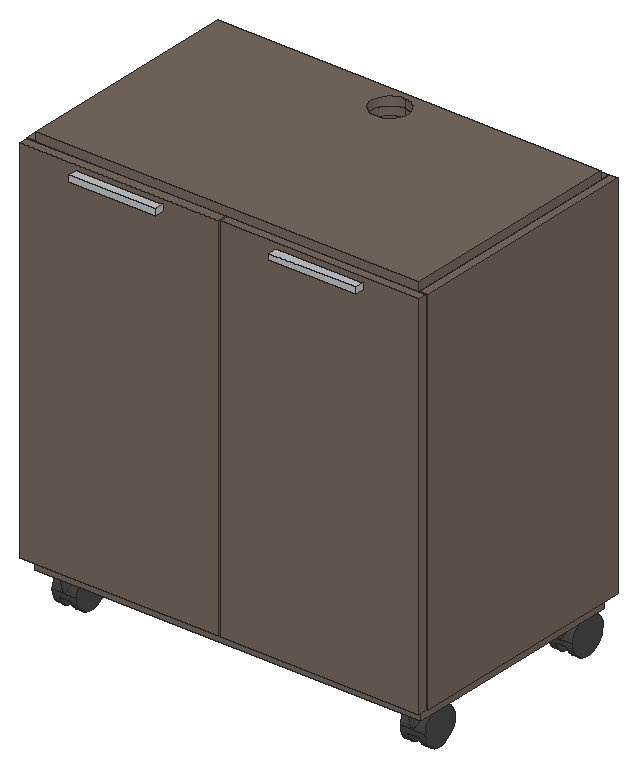
Revit family "Storage-Teknion-AFTL_Audience_Laminate_A.V_Cart-R2023", category Furniture, Revit 2023
Family settings
  OmniClass Number = 23.40.20.00
  OmniClass Title = General Furniture and Specialties
  Work Plane-Based = No
  Enable Cutting in Views = No
  Always vertical = Yes
  Cut with Voids When Loaded = No
  Render Appearance Source = Family Geometry
  Shared = Yes
  Room Calculation Point = No
Parameters (values of type "Solid Door Style")
  Warranty = "http://www.teknion.com/ca/papers/legal-canada"
  Unit Weight URL = "http://www.teknion.com/ca/tools/assets#&asset=bee6a381-b954-425e-8283-5a2de3a804f2,f828d448-4b62-4231-9e5f-9a8991c0ed77"
  URL = "www.teknion.com"
  To render please download texture images found here [instance] = "https://assets.teknion.com/web/5e81352c1dfdb467/revit-material-swatches/"
  Sustainability Data = "https://www.teknion.com/ca/tools/assets#&topic=216f99a5-57a0-44fc-b10a-9dee9b29ae4c&asset=444deb64-fe58-4b68-981e-f75e97781df7,b4ff2d81-9f2e-437d-9659-7cffb09c31cf"
  Series = "Tables & Collaborative Spaces"  # constant formula
  Pull Finish [instance] = Paint - Teknion - Mica - Platinum
  Product Page URL = "https://www.teknion.com/ca/products/product-details?productLineId=1a94336e-8e7a-673b-a6c8-ff00004460c4"
  Product Line = "Storage"  # constant formula
  Product Documentation Link = "https://www.teknion.com/pricing/tables/pdfs/AFTL_ppg.pdf"
  Part Number = "AFTL"  # constant formula
  Model = "AFTLAS3236"
  Manufacturer Phone = "416-661-3370"  # constant formula
  Manufacturer Fax = "416.661.4586"  # constant formula
  Manufacturer Contact Information = "http://www.teknion.com/ca/contactus"
  Manufacturer Address = "1150 Flint Road, Toronto, ON. M3J 2J5. Canada"  # constant formula
  Manufacturer = "Teknion"  # constant formula
  How To Use Teknion Materials User Guide [instance] = "https://assets.teknion.com/m/205dd0a49fa58060/original/How-to-add-a-Material-Library-and-Texture-Images-to-your-Revit-project.pdf"
  For Additional Finishes please visit [instance] = "https://assets.teknion.com/m/44a8009b046e5d47/original/Teknion_Materials_Library.zip"
  Description = "Audience Laminate A.V. Cart, Doors Configuration, Solid Door Style, 32\" Width, 36\" Height"
  Default Elevation = 0.000"
  Case and Front Finish [instance] = Source Laminate - Teknion - 3M - Provincial Oak
  Assembly Code = "E2020200"
Reference planes (in)
  plane 1 "Center Front/Back": y = -10
  plane 2: z = 0
  plane 3 "Center Left/Right": x = 16.21024
  plane 4 "Left": x = 0
  plane 5 "Right": x = 32.42047
  plane 6 "Back": y = 0
  plane 7 "Front": y = -20
  plane 8 "Top": z = 34.99997
  plane 9: y = -20.75197
  plane 10: y = 0.07874
  plane 11: z = 35.99997
  plane 12: z = 27.73226
  plane 13: z = 7.27163
Forms (in)
  Sweep 1, solid, material "Source Laminate - Teknion - 3M - Provincial Oak" <- "Case and Front Finish"
    path origin (0, 0, 0) x (1, 0, 0) y (0, 1, 0)
      loop
        line (16.21024, -19.29921) -> (16.21024, -20)
    profile origin (16.21024, -19.64961, 0) x (1, 0, 0) y (0, 0, 1)
      loop
        line (-0.05906, 34.33856) -> (-16.15118, 34.33856) -> (-16.15118, 4.19895) -> (-0.05906, 4.19895) -> (-0.05906, 34.33856)
      loop
        line (16.15118, 34.33856) -> (0.05906, 34.33856) -> (0.05906, 4.19895) -> (16.15118, 4.19895) -> (16.15118, 34.33856)
  Sweep 2, solid, material "Source Laminate - Teknion - 3M - Provincial Oak" <- "Case and Front Finish"
    path origin (0, -10, 0) x (1, 0, 0) y (0, 0, 1)
      loop
        line (16.21024, 4.20076) -> (16.21024, 34.33856)
    profile origin (16.21024, -10, 19.26966) x (-1, 0, 0) y (0, -1, 0)
      loop
        line (16.21024, -10) -> (16.21024, 9.22047) -> (15.50945, 9.22047) -> (15.50945, -10) -> (16.21024, -10)
      loop
        line (-16.21024, 9.22047) -> (-16.21024, -10) -> (-15.50945, -10) -> (-15.50945, 9.22047) -> (-16.21024, 9.22047)
  Sweep 3, solid, material "Source Laminate - Teknion - 3M - Provincial Oak" <- "Case and Front Finish"
    path origin (0, 0, 0) x (1, 0, 0) y (0, 1, 0)
      loop
        line (16.21024, -0.74016) -> (16.21024, -0.03937)
    profile origin (16.21024, -0.38976, 0) x (-1, 0, 0) y (0, 0, 1)
      loop
        line (15.50945, 4.90761) -> (15.50945, 34.33856) -> (-15.50945, 34.33856) -> (-15.50945, 4.90761) -> (15.50945, 4.90761)
      loop
        circle (0, 7.27163) r 1.19094
      loop
        circle (0, 27.73226) r 1.19094
  Sweep 4, solid, material "Source Laminate - Teknion - 3M - Provincial Oak" <- "Case and Front Finish"
    path origin (0, 0, 0) x (1, 0, 0) y (0, 1, 0)
      loop
        line (16.21024, -2.6063) -> (16.21024, -19.1811)
    profile origin (16.21024, -10.8937, 0) x (1, 0, 0) y (0, 0, 1)
      loop
        line (14.99409, 26.14564) -> (-14.99409, 26.14564) -> (-14.99409, 25.44486) -> (14.99409, 25.44486) -> (14.99409, 26.14564)
  Sweep 5, solid, material "Source Laminate - Teknion - 3M - Provincial Oak" <- "Case and Front Finish"
    path origin (0, 0, 0) x (1, 0, 0) y (0, 1, 0)
      loop
        line (16.21024, -18.25984) -> (16.21024, -0.74803)
    profile origin (16.21024, -9.50394, 0) x (-1, 0, 0) y (0, 0, 1)
      loop
        line (-15.48031, 11.67714) -> (-15.48031, 10.97635) -> (15.48031, 10.97635) -> (15.48031, 11.67714) -> (-15.48031, 11.67714)
  Sweep 6, solid, material "Source Laminate - Teknion - 3M - Provincial Oak" <- "Case and Front Finish"
    path origin (0, -10, 0) x (1, 0, 0) y (0, 0, 1)
      loop
        line (16.21024, 33.5984) -> (16.21024, 34.29919)
    profile origin (16.21024, -10, 33.94879) x (-1, 0, 0) y (0, -1, 0)
      loop
        line (15.50945, 9.22047) -> (-15.50945, 9.22047) -> (-15.50945, -9.25197) -> (15.50945, -9.25197) -> (15.50945, 9.22047)
      loop
        circle (0, -7.24409) r 1.47638
  Sweep 7, solid, material "Source Laminate - Teknion - 3M - Provincial Oak" <- "Case and Front Finish"
    path origin (0, -10, 0) x (1, 0, 0) y (0, 0, 1)
      loop
        line (16.21024, 34.99997) -> (16.21024, 34.29919)
    profile origin (16.21024, -10, 34.64958) x (0, -1, 0) y (1, 0, 0)
      loop
        circle (-7.24409, 0) r 1.47638
      loop
        line (9.22047, -15.50157) -> (9.22047, 15.50157) -> (-9.22441, 15.50157) -> (-9.22441, -15.50157) -> (9.22047, -15.50157)
  Sweep 8, solid, material "Source Laminate - Teknion - 3M - Provincial Oak" <- "Case and Front Finish"
    path origin (0, -10, 0) x (1, 0, 0) y (0, 0, 1)
      loop
        line (16.21024, 4.90155) -> (16.21024, 4.20076)
    profile origin (16.21024, -10, 4.55115) x (0, -1, 0) y (1, 0, 0)
      loop
        line (9.22047, 15.50945) -> (-10, 15.50945) -> (-10, -15.50945) -> (9.22047, -15.50945) -> (9.22047, 15.50945)
  Sweep 9, solid, material "Source Laminate - Teknion - 3M - Provincial Oak" <- "Case and Front Finish"
    path origin (0, -10, 0) x (1, 0, 0) y (0, 0, 1)
      loop
        line (16.21024, 4.20076) -> (16.21024, 3.18501)
    profile origin (16.21024, -10, 3.69289) x (0, -1, 0) y (1, 0, 0)
      loop
        line (9.22047, 15.62756) -> (-9.37008, 15.62756) -> (-9.37008, -15.62756) -> (9.22047, -15.62756) -> (9.22047, 15.62756)
  Sweep 10, solid, material "Paint - Teknion - Mica - Platinum" <- "Pull Finish"
    path origin (0, 0, 0) x (1, 0, 0) y (0, 1, 0)
      loop
        line (16.21024, -20) -> (16.21024, -20.75197)
    profile origin (16.21024, -20.37598, 0) x (1, 0, 0) y (0, 0, 1)
      loop
        line (4.60512, 33.42123) -> (11.60512, 33.42123) -> (11.60512, 33.92123) -> (4.60512, 33.92123) -> (4.60512, 33.42123)
      loop
        line (-11.60512, 33.42123) -> (-4.60512, 33.42123) -> (-4.60512, 33.92123) -> (-11.60512, 33.92123) -> (-11.60512, 33.42123)
  Revolve 11, solid, material "Plastic - Teknion - E - Ebony"
    sketch origin (14.73386, -180, 7.27163) x (-1, 0, 0) y (0, -1, 0)
      loop
        line (-2.65748, -179.96063) -> (-2.98151, -179.96063)
        arc (-2.98151, -179.96063) -> (-2.80917, -180.04847) -> (-2.61811, -180.07874) r 0.61811
        line (-2.61811, -180.07874) -> (-1.47638, -180.07874) -> (-1.47638, -179.96063) -> (-2.57087, -179.96063) -> (-2.57087, -179.78189) -> (-2.61024, -179.78189) -> (-2.65748, -179.9) -> (-2.65748, -179.96063)
      axis (-1.47638, -180.07874) -> (-1.47638, -179.78189)
    angle from 0 to 360
  Revolve 12, solid, material "Plastic - Teknion - E - Ebony"
    sketch origin (14.73386, -180, 27.73226) x (-1, 0, 0) y (0, -1, 0)
      loop
        line (-2.65748, -179.96063) -> (-2.98151, -179.96063)
        arc (-2.98151, -179.96063) -> (-2.80917, -180.04847) -> (-2.61811, -180.07874) r 0.61811
        line (-2.61811, -180.07874) -> (-1.47638, -180.07874) -> (-1.47638, -179.96063) -> (-2.57087, -179.96063) -> (-2.57087, -179.78189) -> (-2.61024, -179.78189) -> (-2.65748, -179.9) -> (-2.65748, -179.96063)
      axis (-1.47638, -180.07874) -> (-1.47638, -179.78189)
    angle from 0 to 360
  Sweep 13, solid, material "Plastic - Teknion - E - Ebony"
    path origin (14.73386, -180, 7.27163) x (-1, 0, 0) y (0, -1, 0)
      loop
        line (13.61765, -170) -> (-16.57041, -170)
    profile origin (16.21024, -10, 7.27163) x (0, 1, 0) y (0, 0, 1)
      loop
        circle (-6.57847, -5.77161) r 1.5
      loop
        circle (8.398, -5.77161) r 1.5
  Sweep 14, void
    path origin (0, 0, 0) x (1, 0, 0) y (0, 1, 0)
      loop
        line (16.21024, 0) -> (16.21024, -20)
    profile origin (16.21024, -10, 0) x (1, 0, 0) y (0, 0, 1)
      loop
        line (-14.56403, 1.07875) -> (-14.56403, -0.92125) -> (-13.62403, -0.92125) -> (-13.62403, 1.07875) -> (-14.56403, 1.07875)
      loop
        line (14.56403, 1.07875) -> (13.62403, 1.07875) -> (13.62403, -0.92125) -> (14.56403, -0.92125) -> (14.56403, 1.07875)
      loop
        line (-13.09403, 3.18501) -> (-13.09403, -0.92125) -> (13.09403, -0.92125) -> (13.09403, 3.18501) -> (-13.09403, 3.18501)
  Sweep 15, solid, material "Plastic - Teknion - E - Ebony"
    path origin (0, -10, 0) x (1, 0, 0) y (0, 0, 1)
      loop
        line (16.21024, 3.18501) -> (16.21024, 1.50001)
    profile origin (16.21024, -10, 2.34251) x (0, -1, 0) y (1, 0, 0)
      loop
        circle (-7.528, -14.09403) r 0.63
      loop
        circle (7.44847, -14.09403) r 0.63
      loop
        circle (7.44847, 14.09403) r 0.63
      loop
        circle (-7.528, 14.09403) r 0.63
Cuts and joins
  Sweep 14 cuts Sweep 13
  joined: Sweep 13, Sweep 15
Lines and regions (in)
  Masking region 1
    outline origin (0, 0, 0) x (1, 0, 0) y (0, 1, 0)
      loop
        line (0, 0) -> (0, -19.22047) -> (32.42047, -19.22047) -> (32.42047, 0) -> (17.65386, 0)
        arc (17.65386, 0) -> (17.50797, 0.05873) -> (17.35197, 0.07874) r 0.61811
        line (17.35197, 0.07874) -> (16.21024, 0.07874) -> (15.0685, 0.07874)
        arc (15.0685, 0.07874) -> (14.91251, 0.05873) -> (14.76661, 0) r 0.61811
        line (14.76661, 0) -> (0, 0)
      loop
        line (0.05906, -19.29921) -> (0.05906, -20) -> (4.60512, -20) -> (4.60512, -20.75197) -> (11.60512, -20.75197) -> (11.60512, -20) -> (16.15118, -20) -> (16.15118, -19.29921) -> (0.05906, -19.29921)
      loop
        line (16.26929, -19.29921) -> (16.26929, -20) -> (20.81535, -20) -> (20.81535, -20.75197) -> (27.81535, -20.75197) -> (27.81535, -20) -> (32.36142, -20) -> (32.36142, -19.29921) -> (16.26929, -19.29921)
  reference lines
    curve 1: line (0, 0.07874, 0) -> (32.42047, 0.07874, 0)
    curve 2: line (0, 0.07874, 0) -> (0, -20.75197, 0)
    curve 3: line (0, -20.75197, 0) -> (32.42047, -20.75197, 0)
    curve 4: line (32.42047, 0.07874, 0) -> (32.42047, -20.75197, 0)
  symbolic lines
    curve 5: line (16.15118, -20, 0) -> (0.05906, -20, 0)
    curve 6: line (32.36142, -20, 0) -> (16.26929, -20, 0)
    curve 7: line (16.26929, -19.29921, 0) -> (16.26929, -20, 0)
    curve 8: line (16.15118, -20, 0) -> (16.15118, -19.29921, 0)
    curve 9: line (0.70079, -19.22047, 0) -> (0.70079, 0, 0)
    curve 10: line (31.71969, -0.03937, 0) -> (0.70079, -0.03937, 0)
    curve 11: line (31.71969, -0.74016, 0) -> (0.70079, -0.74016, 0)
    curve 12: line (31.71969, -0.74803, 0) -> (0.70079, -0.74803, 0)
    curve 13: line (31.71181, -0.77559, 0) -> (0.70866, -0.77559, 0)
    curve 14: line (0.70866, -0.77559, 0) -> (0.70866, -19.22047, 0)
    curve 15: line (31.71969, 0, 0) -> (31.71969, -19.22047, 0)
    curve 16: line (31.71181, -19.22047, 0) -> (31.71181, -0.77559, 0)
    curve 44: arc (16.21024, -1.27953, 0) -> (17.68661, -2.75591, 0) -> (16.21024, -4.23228, 0) r 1.47638
    curve 45: arc (16.21024, -4.23228, 0) -> (14.73386, -2.75591, 0) -> (16.21024, -1.27953, 0) r 1.47638
  symbolic lines, style "FurnitureHiddenLines", detail levels medium+fine
    curve 17: line (31.20433, -2.6063, 0) -> (1.21614, -2.6063, 0)
    curve 18: line (1.21614, -2.6063, 0) -> (1.21614, -19.1811, 0)
    curve 19: line (1.21614, -19.1811, 0) -> (31.20433, -19.1811, 0)
    curve 20: line (31.20433, -19.1811, 0) -> (31.20433, -2.6063, 0)
    curve 21: line (0.72992, -18.25984, 0) -> (31.69055, -18.25984, 0)
    curve 22: line (31.69055, -18.25984, 0) -> (31.69055, -0.74803, 0)
    curve 23: line (31.69055, -0.74803, 0) -> (0.72992, -0.74803, 0)
    curve 24: line (0.72992, -0.74803, 0) -> (0.72992, -18.25984, 0)
    curve 25: line (17.39134, -0.03937, 0) -> (17.39134, -0.1, 0)
    curve 26: line (17.34409, -0.21811, 0) -> (17.39134, -0.1, 0)
    curve 27: line (17.35197, 0.07874, 0) -> (16.21024, 0.07874, 0)
    curve 28: arc (17.71537, -0.03937, 0) -> (17.54302, 0.04847, 0) -> (17.35197, 0.07874, 0) r 0.61811
    curve 29: line (17.39134, -0.03937, 0) -> (17.71537, -0.03937, 0)
    curve 30: line (15.07638, -0.21811, 0) -> (17.34409, -0.21811, 0)
    curve 31: line (17.30472, -0.21811, 0) -> (17.30472, -0.03937, 0)
    curve 32: line (17.39134, -0.03937, 0) -> (16.21024, -0.03937, 0)
    curve 33: line (15.02913, -0.03937, 0) -> (15.02913, -0.1, 0)
    curve 34: line (15.07638, -0.21811, 0) -> (15.02913, -0.1, 0)
    curve 35: line (15.0685, 0.07874, 0) -> (16.21024, 0.07874, 0)
    curve 36: arc (14.7051, -0.03937, 0) -> (14.87745, 0.04847, 0) -> (15.0685, 0.07874, 0) r 0.61811
    curve 37: line (15.02913, -0.03937, 0) -> (14.7051, -0.03937, 0)
    curve 38: line (15.11575, -0.21811, 0) -> (15.11575, -0.03937, 0)
    curve 39: line (15.02913, -0.03937, 0) -> (16.21024, -0.03937, 0)
    curve 40: line (15.02913, -0.1, 0) -> (17.39134, -0.1, 0)
    curve 41: line (0.58268, -0.62992, 0) -> (0.58268, -19.22047, 0)
    curve 42: line (31.8378, -0.62992, 0) -> (0.58268, -0.62992, 0)
    curve 43: line (31.8378, -19.22047, 0) -> (31.8378, -0.62992, 0)
  symbolic lines, style "FurnitureHiddenLines", detail levels fine
    curve 46: line (1.1162, -0.102, 0) -> (3.1162, -0.102, 0)
    curve 47: line (1.1162, -3.102, 0) -> (1.1162, -0.102, 0)
    curve 48: line (3.1162, -3.102, 0) -> (1.1162, -3.102, 0)
    curve 49: line (3.1162, -0.102, 0) -> (3.1162, -3.102, 0)
    curve 50: line (1.6462, -0.16237, 0) -> (2.5862, -0.16237, 0)
    curve 51: line (1.6462, -3.04163, 0) -> (1.6462, -0.16237, 0)
    curve 52: line (2.5862, -3.04163, 0) -> (1.6462, -3.04163, 0)
    curve 53: line (2.5862, -0.16237, 0) -> (2.5862, -3.04163, 0)
    curve 54: arc (2.7462, -2.472, 0) -> (2.1162, -1.842, 0) -> (1.4862, -2.472, 0) r 0.63
    curve 55: arc (1.4862, -2.472, 0) -> (2.1162, -3.102, 0) -> (2.7462, -2.472, 0) r 0.63
    curve 56: line (1.1162, -15.07847, 0) -> (3.1162, -15.07847, 0)
    curve 57: line (1.1162, -18.07847, 0) -> (1.1162, -15.07847, 0)
    curve 58: line (3.1162, -18.07847, 0) -> (1.1162, -18.07847, 0)
    curve 59: line (3.1162, -15.07847, 0) -> (3.1162, -18.07847, 0)
    curve 60: line (1.6462, -15.13884, 0) -> (2.5862, -15.13884, 0)
    curve 61: line (1.6462, -18.0181, 0) -> (1.6462, -15.13884, 0)
    curve 62: line (2.5862, -18.0181, 0) -> (1.6462, -18.0181, 0)
    curve 63: line (2.5862, -15.13884, 0) -> (2.5862, -18.0181, 0)
    curve 64: arc (2.7462, -17.44847, 0) -> (2.1162, -16.81847, 0) -> (1.4862, -17.44847, 0) r 0.63
    curve 65: arc (1.4862, -17.44847, 0) -> (2.1162, -18.07847, 0) -> (2.7462, -17.44847, 0) r 0.63
    curve 66: line (29.30427, -15.07847, 0) -> (31.30427, -15.07847, 0)
    curve 67: line (29.30427, -18.07847, 0) -> (29.30427, -15.07847, 0)
    curve 68: line (31.30427, -18.07847, 0) -> (29.30427, -18.07847, 0)
    curve 69: line (31.30427, -15.07847, 0) -> (31.30427, -18.07847, 0)
    curve 70: line (29.83427, -15.13884, 0) -> (30.77427, -15.13884, 0)
    curve 71: line (29.83427, -18.0181, 0) -> (29.83427, -15.13884, 0)
    curve 72: line (30.77427, -18.0181, 0) -> (29.83427, -18.0181, 0)
    curve 73: line (30.77427, -15.13884, 0) -> (30.77427, -18.0181, 0)
    curve 74: arc (30.93427, -17.44847, 0) -> (30.30427, -16.81847, 0) -> (29.67427, -17.44847, 0) r 0.63
    curve 75: arc (29.67427, -17.44847, 0) -> (30.30427, -18.07847, 0) -> (30.93427, -17.44847, 0) r 0.63
    curve 76: line (29.30427, -0.102, 0) -> (31.30427, -0.102, 0)
    curve 77: line (29.30427, -3.102, 0) -> (29.30427, -0.102, 0)
    curve 78: line (31.30427, -3.102, 0) -> (29.30427, -3.102, 0)
    curve 79: line (31.30427, -0.102, 0) -> (31.30427, -3.102, 0)
    curve 80: line (29.83427, -0.16237, 0) -> (30.77427, -0.16237, 0)
    curve 81: line (29.83427, -3.04163, 0) -> (29.83427, -0.16237, 0)
    curve 82: line (30.77427, -3.04163, 0) -> (29.83427, -3.04163, 0)
    curve 83: line (30.77427, -0.16237, 0) -> (30.77427, -3.04163, 0)
    curve 84: arc (30.93427, -2.472, 0) -> (30.30427, -1.842, 0) -> (29.67427, -2.472, 0) r 0.63
    curve 85: arc (29.67427, -2.472, 0) -> (30.30427, -3.102, 0) -> (30.93427, -2.472, 0) r 0.63
    curve 86: line (15.01929, -0.03937, 0) -> (15.01929, -0.74016, 0)
    curve 87: line (17.40118, -0.03937, 0) -> (17.40118, -0.74016, 0)
  symbolic lines, style "Furniture"
    curve 88: line (14.74146, -2.6063, 0) -> (17.67901, -2.6063, 0)
Dimensions and locks (in)
  plane 4 "Left" to plane 5 "Right" = 32.42047"
  plane 6 "Back" to plane 7 "Front" = 20.000"
  locked: plane 8 "Top" to level at 34.99997
  equal spacing: plane 4 "Left", plane 3 "Center Left/Right", plane 5 "Right"
  equal spacing: plane 6 "Back", plane 1 "Center Front/Back", plane 7 "Front"
  locked: plane 11 to plane 8 "Top" at 1
  locked: plane 8 "Top" to plane 12 at 7.26772
  locked: plane 13 to plane 2 at 7.27163
  aligned and locked: level to plane 2
  aligned and locked: Sweep 1 sketch curve to plane 3 "Center Left/Right"
  aligned and locked: plane 3 "Center Left/Right" to Sweep 2 sketch curve
  aligned and locked: plane 3 "Center Left/Right" to Sweep 3 sketch curve
  aligned and locked: Sweep 4 sketch curve to plane 3 "Center Left/Right"
  aligned and locked: plane 3 "Center Left/Right" to Sweep 5 sketch curve
  aligned and locked: plane 3 "Center Left/Right" to Sweep 6 sketch curve
  aligned and locked: Sweep 7 sketch curve to plane 3 "Center Left/Right"
  aligned and locked: Sweep 8 sketch curve to plane 3 "Center Left/Right"
  aligned and locked: Sweep 9 sketch curve to plane 3 "Center Left/Right"
  aligned and locked: Sweep 10 sketch curve to plane 3 "Center Left/Right"
  aligned and locked: plane 1 "Center Front/Back" to Sweep 13 sketch curve
  aligned and locked: Sweep 15 sketch curve to plane 3 "Center Left/Right"
  aligned and locked: curve 1 to plane 10
  aligned and locked: curve 2 to plane 4 "Left"
  aligned and locked: curve 3 to plane 9
  aligned and locked: curve 4 to plane 5 "Right"
Automatic sketch dimensions
  plane 7 "Front" to Sweep 1 sketch curve = 0.000"
  Sweep 1 sketch curve to Sweep 1 sketch curve = 0.70079"
  profile plane to Sweep 1 sketch curve = 16.15118"
  profile plane to Sweep 1 sketch curve = 0.05906"
  Sweep 1 sketch curve to profile plane = 0.05906"
  Sweep 1 sketch curve to Sweep 1 sketch curve = 16.09213"
  level to Sweep 1 sketch curve = 4.19895"  (x2)
  Sweep 1 sketch curve to Sweep 1 sketch curve = 30.13961"
  Sweep 1 sketch curve to Sweep 1 sketch curve = 0.000"
  Sweep 2 sketch curve to plane 13 = 3.07087"
  Sweep 2 sketch curve to plane 8 "Top" = 0.66142"
  profile plane to Sweep 2 sketch curve = 16.21024"
  Sweep 2 sketch curve to Sweep 2 sketch curve = 0.70079"  (x2)
  Sweep 2 sketch curve to profile plane = 15.50945"
  Sweep 2 sketch curve to plane 1 "Center Front/Back" = 10.000"  (x2)
  plane 1 "Center Front/Back" to Sweep 2 sketch curve = 9.22047"  (x2)
  Sweep 3 sketch curve to plane 6 "Back" = 0.74016"
  Sweep 3 sketch curve to plane 6 "Back" = 0.03937"
  Sweep 3 sketch curve to Sweep 3 sketch curve = 0.000"  (x4)
  Sweep 3 sketch curve to profile plane = 0.000"  (x2)
  level to Sweep 3 sketch curve = 4.90761"
  profile plane to Sweep 3 sketch curve = 15.50945"
  Sweep 3 sketch curve to profile plane = 15.50945"
  level to Sweep 3 sketch curve = 7.27163"
  Sweep 3 sketch curve to Sweep 3 sketch curve = 20.46063"
  Sweep 3 sketch curve to Sweep 3 sketch curve = 6.6063"
  profile plane to Sweep 3 sketch curve = 1.19094"  (x2)
  Sweep 4 sketch curve to plane 7 "Front" = 0.8189"
  Sweep 4 sketch curve to plane 6 "Back" = 2.6063"
  profile plane to Sweep 4 sketch curve = 14.99409"
  Sweep 4 sketch curve to profile plane = 14.99409"
  level to Sweep 4 sketch curve = 25.44486"
  Sweep 4 sketch curve to Sweep 4 sketch curve = 0.70079"
  Sweep 5 sketch curve to plane 7 "Front" = 1.74016"
  Sweep 5 sketch curve to plane 6 "Back" = 0.74803"
  profile plane to Sweep 5 sketch curve = 15.48031"
  Sweep 5 sketch curve to profile plane = 15.48031"
  level to Sweep 5 sketch curve = 10.97635"
  Sweep 5 sketch curve to Sweep 5 sketch curve = 0.70079"
  Sweep 6 sketch curve to plane 8 "Top" = 1.40157"
  Sweep 6 sketch curve to plane 8 "Top" = 0.70079"
  Sweep 6 sketch curve to Sweep 6 sketch curve = 0.000"  (x2)
  Sweep 6 sketch curve to profile plane = 0.000"
  profile plane to Sweep 6 sketch curve = 15.50945"
  Sweep 6 sketch curve to profile plane = 15.50945"
  Sweep 6 sketch curve to plane 1 "Center Front/Back" = 9.25197"
  Sweep 6 sketch curve to plane 1 "Center Front/Back" = 7.24409"
  plane 1 "Center Front/Back" to Sweep 6 sketch curve = 9.22047"
  Sweep 6 sketch curve to Sweep 6 sketch curve = 1.47638"
  Sweep 7 sketch curve to plane 8 "Top" = 0.000"
  Sweep 7 sketch curve to Sweep 7 sketch curve = 0.70079"
  Sweep 7 sketch curve to Sweep 7 sketch curve = 0.000"  (x2)
  Sweep 7 sketch curve to profile plane = 0.000"
  Sweep 7 sketch curve to plane 1 "Center Front/Back" = 9.22441"
  Sweep 7 sketch curve to plane 1 "Center Front/Back" = 7.24409"
  plane 1 "Center Front/Back" to Sweep 7 sketch curve = 9.22047"
  profile plane to Sweep 7 sketch curve = 15.50157"
  Sweep 7 sketch curve to profile plane = 15.50157"
  Sweep 7 sketch curve to Sweep 7 sketch curve = 1.47638"
  Sweep 8 sketch curve to plane 13 = 3.07087"
  Sweep 8 sketch curve to Sweep 8 sketch curve = 0.70079"
  Sweep 8 sketch curve to plane 1 "Center Front/Back" = 10.000"
  plane 1 "Center Front/Back" to Sweep 8 sketch curve = 9.22047"
  profile plane to Sweep 8 sketch curve = 15.50945"
  Sweep 8 sketch curve to profile plane = 15.50945"
  level to Sweep 9 sketch curve = 3.18501"
  Sweep 9 sketch curve to Sweep 9 sketch curve = 1.01575"
  Sweep 9 sketch curve to plane 1 "Center Front/Back" = 9.37008"
  plane 1 "Center Front/Back" to Sweep 9 sketch curve = 9.22047"
  profile plane to Sweep 9 sketch curve = 15.62756"
  Sweep 9 sketch curve to profile plane = 15.62756"
  Sweep 10 sketch curve to plane 9 = 0.000"
  plane 7 "Front" to Sweep 10 sketch curve = 0.000"
  profile plane to Sweep 10 sketch curve = 11.60512"
  profile plane to Sweep 10 sketch curve = 4.60512"
  Sweep 10 sketch curve to profile plane = 4.60512"
  Sweep 10 sketch curve to Sweep 10 sketch curve = 7.000"
  level to Sweep 10 sketch curve = 33.42123"
  Sweep 10 sketch curve to Sweep 10 sketch curve = 0.000"
  Sweep 10 sketch curve to Sweep 10 sketch curve = 0.500"  (x2)
  Revolve 11 sketch curve to plane 10 = 0.000"
  Revolve 11 sketch curve to plane 3 "Center Left/Right" = 0.000"  (x2)
  Revolve 11 sketch curve to plane 6 "Back" = 0.03937"  (x2)
  plane 3 "Center Left/Right" to Revolve 11 sketch curve = 1.09449"
  Revolve 11 sketch curve to Revolve 11 sketch curve = 0.03937"
  Revolve 11 sketch curve to Revolve 11 sketch curve = 0.00787"
  Revolve 11 sketch curve to Revolve 11 sketch curve = 0.08661"
  Revolve 11 sketch curve to Revolve 11 sketch curve = 0.32403"
  Revolve 11 sketch curve to Revolve 11 sketch curve = 0.06063"
  Revolve 11 sketch curve to Revolve 11 sketch curve = 0.11811"
  Revolve 11 sketch curve to Revolve 11 sketch curve = 0.09751"
  Revolve 11 sketch curve to Revolve 11 sketch curve = 0.28438"
  Revolve 12 sketch curve to plane 10 = 0.000"
  Revolve 12 sketch curve to plane 6 "Back" = 0.03937"  (x2)
  plane 5 "Right" to Revolve 12 sketch curve = 14.7051"
  Revolve 12 sketch curve to plane 6 "Back" = 0.100"
  Revolve 12 sketch curve to Revolve 12 sketch curve = 0.32403"
  Revolve 12 sketch curve to Revolve 12 sketch curve = 0.03937"  (x2)
  Revolve 12 sketch curve to plane 6 "Back" = 0.21811"
  Revolve 12 sketch curve to Revolve 12 sketch curve = 0.04724"
  Revolve 12 sketch curve to Revolve 12 sketch curve = 1.09449"
  Revolve 12 sketch curve to Revolve 12 sketch curve = 0.000"
  Revolve 12 sketch curve to Revolve 12 sketch curve = 0.09751"
  Revolve 12 sketch curve to Revolve 12 sketch curve = 0.28438"
  plane 5 "Right" to Sweep 13 sketch curve = 1.1162"
  plane 4 "Left" to Sweep 13 sketch curve = 1.1162"
  profile plane to Sweep 13 sketch curve = 6.57847"
  Sweep 13 sketch curve to plane 13 = 5.77161"  (x2)
  Sweep 13 sketch curve to Sweep 13 sketch curve = 1.500"  (x2)
  Sweep 13 sketch curve to Sweep 13 sketch curve = 0.000"  (x2)
  Sweep 13 sketch curve to profile plane = 8.398"
  Sweep 14 sketch curve to level = 0.92125"  (x3)
  profile plane to Sweep 14 sketch curve = 14.56403"
  Sweep 14 sketch curve to Sweep 14 sketch curve = 0.940"  (x2)
  Sweep 14 sketch curve to Sweep 14 sketch curve = 0.530"  (x2)
  Sweep 14 sketch curve to profile plane = 13.09403"
  level to Sweep 14 sketch curve = 1.07875"  (x2)
  Sweep 14 sketch curve to Sweep 14 sketch curve = 2.10626"
  level to Sweep 15 sketch curve = 1.50001"
  Sweep 15 sketch curve to Sweep 15 sketch curve = 1.685"
  Sweep 15 sketch curve to Sweep 15 sketch curve = 0.000"  (x8)
  Sweep 15 sketch curve to plane 1 "Center Front/Back" = 7.528"  (x2)
  plane 1 "Center Front/Back" to Sweep 15 sketch curve = 7.44847"  (x2)
  profile plane to Sweep 15 sketch curve = 14.09403"  (x2)
  Sweep 15 sketch curve to profile plane = 14.09403"  (x2)
  Sweep 15 sketch curve to Sweep 15 sketch curve = 0.630"  (x4)
  Masking region 1 sketch curve to plane 4 "Left" = 0.000"
  plane 7 "Front" to Masking region 1 sketch curve = 0.000"  (x4)
  Masking region 1 sketch curve to plane 9 = 0.000"  (x2)
  Masking region 1 sketch curve to plane 6 "Back" = 0.000"  (x2)
  Masking region 1 sketch curve to plane 10 = 0.000"
  Masking region 1 sketch curve to plane 3 "Center Left/Right" = 0.000"
  Masking region 1 sketch curve to plane 5 "Right" = 0.000"
  plane 4 "Left" to Masking region 1 sketch curve = 0.05906"
  Masking region 1 sketch curve to Masking region 1 sketch curve = 4.54606"
  Masking region 1 sketch curve to plane 3 "Center Left/Right" = 4.60512"
  Masking region 1 sketch curve to Masking region 1 sketch curve = 1.14173"
  Masking region 1 sketch curve to plane 3 "Center Left/Right" = 0.05906"
  plane 3 "Center Left/Right" to Masking region 1 sketch curve = 0.05906"
  Masking region 1 sketch curve to plane 6 "Back" = 0.53937"  (x2)
  plane 3 "Center Left/Right" to Masking region 1 sketch curve = 1.14173"
  plane 3 "Center Left/Right" to Masking region 1 sketch curve = 4.60512"
  plane 5 "Right" to Masking region 1 sketch curve = 4.60512"
  plane 5 "Right" to Masking region 1 sketch curve = 0.05906"
  Masking region 1 sketch curve to plane 7 "Front" = 0.70079"
  Masking region 1 sketch curve to Masking region 1 sketch curve = 0.70079"
  Masking region 1 sketch curve to Masking region 1 sketch curve = 0.07874"
  plane 7 "Front" to curve 5 = 0.000"
  curve 9 to plane 6 "Back" = 0.000"
  curve 36 to plane 10 = 0.000"
  curve 45 to plane 3 "Center Left/Right" = 0.000"
  curve 27 to plane 3 "Center Left/Right" = 0.000"
  curve 39 to plane 3 "Center Left/Right" = 0.000"
  plane 7 "Front" to curve 6 = 0.000"
  curve 15 to plane 6 "Back" = 0.000"
  curve 5 to plane 3 "Center Left/Right" = 0.05906"
  curve 34 to plane 6 "Back" = 0.21811"
  curve 34 to plane 3 "Center Left/Right" = 1.13386"
  curve 35 to curve 30 = 0.00787"
  curve 34 to plane 6 "Back" = 0.100"
  curve 34 to curve 30 = 0.04724"
  curve 37 to plane 6 "Back" = 0.03937"
  curve 37 to curve 33 = 0.32403"
  plane 4 "Left" to curve 59 = 3.1162"
  plane 4 "Left" to curve 48 = 3.1162"
  curve 53 to curve 48 = 0.530"
  curve 63 to curve 58 = 0.530"
  curve 64 to curve 62 = 0.470"
  curve 54 to curve 52 = 0.470"
  curve 52 to curve 54 = 0.470"
  curve 62 to curve 64 = 0.470"
  plane 4 "Left" to curve 19 = 1.21614"
  curve 57 to curve 61 = 0.530"
  curve 46 to plane 6 "Back" = 0.102"
  curve 46 to curve 50 = 0.530"
  plane 4 "Left" to curve 23 = 0.72992"
  curve 14 to curve 23 = 0.02126"
  curve 41 to curve 23 = 0.14724"
  plane 3 "Center Left/Right" to curve 6 = 0.05906"
  plane 3 "Center Left/Right" to curve 30 = 1.13386"
  curve 26 to curve 27 = 0.00787"
  curve 26 to curve 26 = 0.04724"
  curve 25 to curve 29 = 0.32403"
  curve 76 to plane 6 "Back" = 0.102"
  plane 5 "Right" to curve 76 = 3.1162"
  plane 5 "Right" to curve 68 = 3.1162"
  curve 80 to plane 6 "Back" = 0.16237"
  curve 76 to curve 80 = 0.530"
  curve 67 to curve 71 = 0.530"
  curve 81 to curve 85 = 0.470"
  curve 71 to curve 75 = 0.470"
  curve 70 to curve 70 = 0.940"
  curve 80 to curve 80 = 0.940"
  curve 82 to curve 17 = 0.43006"
  curve 70 to curve 66 = 0.530"
  curve 17 to curve 79 = 0.09994"
  curve 68 to curve 22 = 0.38628"
  curve 22 to curve 13 = 0.02126"
  curve 22 to curve 43 = 0.14724"
  curve 19 to plane 7 "Front" = 0.8189"
  curve 18 to curve 21 = 0.92126"
  curve 58 to plane 7 "Front" = 1.92153"
  curve 68 to plane 7 "Front" = 1.92153"
  curve 57 to curve 61 = 0.06037"
  curve 67 to curve 71 = 0.06037"
  curve 71 to curve 75 = 0.56963"
  curve 61 to curve 64 = 0.56963"
  curve 75 to curve 70 = 2.30963"
  curve 65 to curve 63 = 2.30963"
  curve 60 to curve 56 = 0.06037"
  curve 70 to curve 67 = 0.06037"
  curve 77 to curve 80 = 2.93963"
  curve 48 to curve 46 = 3.000"
  curve 47 to curve 52 = 0.06037"
  curve 77 to curve 82 = 0.06037"
  curve 44 to curve 36 = 2.21654"
  curve 47 to curve 17 = 0.4957"
  curve 81 to curve 84 = 0.56963"
  curve 51 to curve 55 = 0.56963"
  curve 16 to plane 6 "Back" = 0.77559"
  curve 13 to curve 22 = 0.02756"
  curve 23 to curve 42 = 0.11811"
  curve 53 to plane 6 "Back" = 0.16237"
  curve 30 to curve 38 = 0.03937"
  curve 86 to curve 33 = 0.00984"
  curve 62 to curve 64 = 0.160"
  curve 52 to curve 55 = 0.160"
  curve 12 to curve 13 = 0.00787"
  plane 4 "Left" to curve 5 = 0.05906"
  curve 31 to curve 26 = 0.03937"
  curve 28 to curve 87 = 0.04921"
  plane 3 "Center Left/Right" to curve 88 = 1.46878"
  curve 75 to curve 71 = 0.160"
  curve 84 to curve 81 = 0.160"
  curve 76 to curve 15 = 0.41542"
  plane 5 "Right" to curve 6 = 0.05906"
  curve 5 to curve 8 = 0.70079"
  curve 8 to curve 7 = 0.000"
  curve 9 to curve 18 = 0.03937"
  curve 43 to curve 19 = 0.03937"
  curve 41 to curve 9 = 0.000"
  curve 16 to curve 43 = 0.000"
  curve 16 to curve 15 = 0.000"
  curve 9 to curve 14 = 0.000"
  curve 44 to curve 88 = 0.14961"
  curve 13 to curve 12 = 0.02756"
  curve 12 to curve 11 = 0.00787"
  curve 25 to curve 87 = 0.000"
Nested families (in)
  nested 1: "Teknion_2D_Node_Family-R2016" at (0, 0, 0), type "Teknion_2D_Node_Family-R2016"
  nested 2: "Teknion_2D_Node_Family-R2016" at (32.42047, 0, 0), type "Teknion_2D_Node_Family-R2016"
Definition of nested family "Teknion_2D_Node_Family-R2016"
  Reference planes (in)
    plane 1 "Center (Front/Back)": y = 0
    plane 2: z = 0
    plane 3 "Center (Left/Right)": x = 0
  Lines and regions (in)
    detail lines, in view "Ref. Level"
      curve 1: circle (0, 0, 0) r 1.25 normal (0, 0, 1)
      curve 2: line (1.91508, -1.91508, 0) -> (-1.91508, 1.91508, 0)
      curve 3: line (-1.91508, -1.91508, 0) -> (1.91508, 1.91508, 0)
